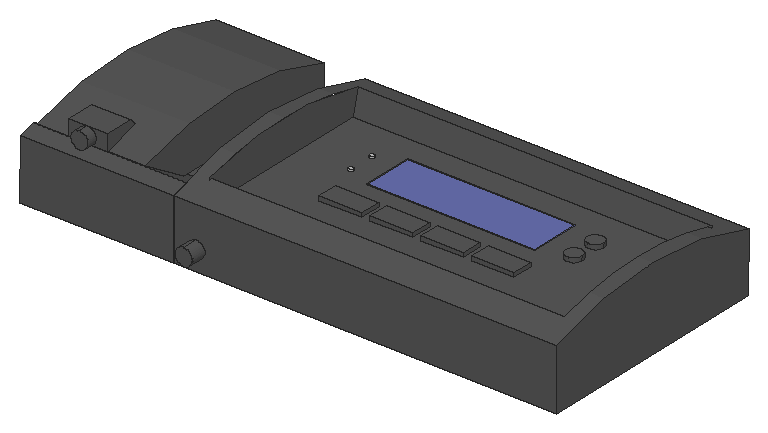
Revit family "Electronics_Wall-Stations_Biamp_Vocia_Wall-Paging-Station_WS-4_10___", category Communication Devices, host Face, Revit 2020 (continued)
Definition of nested family "Biamp_Vocia_Wall-Stations_Bracket"
  Automatic sketch dimensions
    curve 54 to curve 51 = 0' - 0.00373"
    curve 93 to plane 6 = 0' - 0.51"
    curve 91 to curve 93 = 0' - 1.8"
    curve 53 to curve 56 = 0' - 0.11373"
    curve 51 to curve 51 = 0' - 0.21254"
    curve 51 to curve 52 = 0' - 0.00373"
    curve 52 to curve 53 = 0' - 0.00373"
    curve 66 to plane 1 "Center (Front/Back)" = 0' - 0.18627"
    curve 66 to plane 5 = 0' - 1.69007"
    plane 1 "Center (Front/Back)" to curve 65 = 0' - 0.03"
    curve 66 to curve 65 = 0' - 0.09993"
    curve 63 to curve 63 = 0' - 0.09993"
    plane 1 "Center (Front/Back)" to curve 64 = 0' - 0.03373"
    curve 65 to curve 64 = 0' - 0.09993"
    plane 1 "Center (Front/Back)" to curve 70 = 0' - 0.02627"
    curve 65 to curve 70 = 0' - 0.3"
    plane 1 "Center (Front/Back)" to curve 69 = 0' - 0.03"
    curve 70 to curve 69 = 0' - 0.09993"
    curve 67 to curve 67 = 0' - 0.09993"
    plane 1 "Center (Front/Back)" to curve 68 = 0' - 0.03373"
    curve 59 to plane 5 = 0' - 0.63373"
    curve 97 to plane 5 = 0' - 0.63373"
    curve 59 to curve 60 = 0' - 0.00373"
    curve 97 to curve 100 = 0' - 0.00373"
    curve 60 to curve 57 = 0' - 0.00373"
    curve 100 to curve 99 = 0' - 0.00373"
    curve 59 to curve 61 = 0' - 0.11373"
    curve 100 to curve 95 = 0' - 0.11373"
    curve 99 to curve 99 = 0' - 0.21254"
    curve 57 to curve 57 = 0' - 0.21254"
    curve 99 to curve 98 = 0' - 0.00373"
    curve 57 to curve 58 = 0' - 0.00373"
    curve 58 to curve 59 = 0' - 0.00373"
    curve 98 to curve 97 = 0' - 0.00373"
    plane 7 to curve 4 = 0' - 0.1"
    plane 7 to curve 34 = 0' - 0.36"
    plane 7 to curve 43 = 0' - 0.51"
    plane 7 to curve 62 = 0' - 0.51"
    plane 7 to curve 49 = 0' - 0.51"
    curve 56 to curve 52 = 0' - 0.26"
    curve 33 to curve 103 = 0' - 0.3"
    curve 3 to curve 32 = 0' - 0.59"
    curve 61 to curve 59 = 0' - 0.26"
    curve 43 to curve 41 = 0' - 0.26"
    curve 49 to curve 47 = 0' - 0.26"
    curve 4 to curve 6 = 0' - 0.76"
    curve 53 to curve 54 = 0' - 0.09993"
    curve 59 to curve 60 = 0' - 0.09993"
    curve 47 to curve 48 = 0' - 0.09993"
    curve 40 to curve 40 = 0' - 0.09993"
    curve 5 to curve 107 = 0' - 0.76"
    curve 105 to curve 35 = 0' - 0.02"
    plane 1 "Center (Front/Back)" to curve 29 = 0' - 0.41"
    plane 1 "Center (Front/Back)" to curve 76 = 0' - 0.03373"
    curve 74 to plane 1 "Center (Front/Back)" = 0' - 0.18627"
    curve 21 to plane 1 "Center (Front/Back)" = 0' - 0.18627"
    curve 26 to plane 1 "Center (Front/Back)" = 0' - 0.18627"
    curve 70 to plane 1 "Center (Front/Back)" = 0' - 0.18627"
    curve 18 to curve 18 = 0' - 0.00373"
    curve 67 to curve 67 = 0' - 0.00373"
    curve 74 to curve 71 = 0' - 0.00373"
    curve 25 to curve 25 = 0' - 0.00373"
    curve 63 to curve 63 = 0' - 0.00373"
    curve 75 to curve 75 = 0' - 0.00373"
    curve 18 to curve 105 = 0' - 0.90627"
    curve 107 to curve 24 = 0' - 0.05"
    curve 17 to curve 16 = 0' - 0.28"
    curve 99 to plane 6 = 0' - 0.96986"
    curve 81 to plane 6 = 0' - 0.96986"
    curve 89 to plane 6 = 0' - 0.96986"
    curve 90 to curve 90 = 0' - 0.09993"
    curve 82 to curve 82 = 0' - 0.09993"
    curve 99 to curve 100 = 0' - 0.09993"
    curve 14 to curve 12 = 0' - 0.62"
    curve 100 to curve 95 = 0' - 0.26"
    curve 82 to curve 83 = 0' - 0.26"
    curve 90 to curve 86 = 0' - 0.26"
    curve 31 to curve 31 = 0' - 0.09"
    curve 30 to curve 29 = 0' - 0.09"
    curve 24 to curve 17 = 0' - 0.09"
    curve 23 to curve 22 = 0' - 0.09"
    curve 16 to curve 15 = 0' - 0.09"
    curve 34 to curve 33 = 0' - 0.08"
    curve 83 to curve 83 = 0' - 0.09"
    curve 44 to curve 43 = 0' - 0.09"
    curve 85 to curve 85 = 0' - 0.09"
    curve 91 to curve 91 = 0' - 0.09"
    curve 50 to curve 49 = 0' - 0.09"
    curve 55 to curve 55 = 0' - 0.09"
    curve 94 to curve 93 = 0' - 0.09"
    curve 95 to curve 95 = 0' - 0.09"
    curve 62 to curve 61 = 0' - 0.09"
    Extrusion 4 sketch curve to plane 4 = 0' - 0"
    Extrusion 4 sketch curve to plane 6 = 0' - 0.7"
    Extrusion 4 sketch curve to Extrusion 4 sketch curve = 0' - 2.28"  (x2)
    Extrusion 4 sketch curve to plane 6 = 0' - 0.08"
    Extrusion 4 sketch curve to Extrusion 4 sketch curve = 0' - 1"
    Extrusion 4 sketch curve to plane 6 = 0' - 0"
    Extrusion 4 sketch curve to plane 5 = 0' - 0"
    plane 7 to Extrusion 4 sketch curve = 0' - 0.86"
    Extrusion 4 sketch curve to Extrusion 4 sketch curve = 0' - 0.2"  (x3)
    plane 7 to Extrusion 4 sketch curve = 0' - 0.1"
    Extrusion 4 sketch curve to Extrusion 4 sketch curve = 0' - 0.64"
    Extrusion 4 sketch curve to plane 7 = 0' - 0"  (x2)
    Extrusion 4 sketch curve to Extrusion 4 sketch curve = 0' - 0.3"
    Extrusion 4 sketch curve to Extrusion 4 sketch curve = 0' - 0.59"
    Extrusion 4 sketch curve to Extrusion 4 sketch curve = 0' - 0.09"  (x13)
    plane 1 "Center (Front/Back)" to Extrusion 4 sketch curve = 0' - 0.41"
    plane 4 to Extrusion 4 sketch curve = 0' - 1.14"
    Extrusion 4 sketch curve to plane 1 "Center (Front/Back)" = 0' - 0.19373"
    plane 4 to Extrusion 4 sketch curve = 0' - 0.42007"
    plane 1 "Center (Front/Back)" to Extrusion 4 sketch curve = 0' - 0.03"  (x6)
    Extrusion 4 sketch curve to Extrusion 4 sketch curve = 0' - 0.09993"  (x24)
    plane 1 "Center (Front/Back)" to Extrusion 4 sketch curve = 0' - 0.03373"  (x6)
    Extrusion 4 sketch curve to plane 1 "Center (Front/Back)" = 0' - 0.18627"  (x6)
    Extrusion 4 sketch curve to Extrusion 4 sketch curve = 0' - 0.43007"
    Extrusion 4 sketch curve to Extrusion 4 sketch curve = 0' - 0.00373"  (x37)
    Extrusion 4 sketch curve to plane 1 "Center (Front/Back)" = 0' - 0.19"
    Extrusion 4 sketch curve to Extrusion 4 sketch curve = 0' - 0.52007"
    Extrusion 4 sketch curve to Extrusion 4 sketch curve = 0' - 0"  (x3)
    Extrusion 4 sketch curve to Extrusion 4 sketch curve = 0' - 0.96"
    Extrusion 4 sketch curve to Extrusion 4 sketch curve = 0' - 0.28"
    Extrusion 4 sketch curve to Extrusion 4 sketch curve = 0' - 0.38627"
    Extrusion 4 sketch curve to Extrusion 4 sketch curve = 0' - 0.21254"  (x7)
    Extrusion 4 sketch curve to plane 6 = 0' - 0.96986"  (x3)
    Extrusion 4 sketch curve to Extrusion 4 sketch curve = 0' - 0.11373"  (x4)
    Extrusion 4 sketch curve to Extrusion 4 sketch curve = 0' - 0.26"  (x9)
    Extrusion 4 sketch curve to plane 3 "Center (Left/Right)" = 0' - 0.28373"
    Extrusion 4 sketch curve to plane 3 "Center (Left/Right)" = 0' - 0.06373"  (x2)
    Extrusion 4 sketch curve to plane 3 "Center (Left/Right)" = 0' - 0.06"  (x2)
    Extrusion 4 sketch curve to plane 3 "Center (Left/Right)" = 0' - 0.05627"  (x2)
    Extrusion 4 sketch curve to plane 3 "Center (Left/Right)" = 0' - 0.17"  (x2)
    Extrusion 4 sketch curve to plane 6 = 0' - 0.77"  (x2)
    plane 3 "Center (Left/Right)" to Extrusion 4 sketch curve = 0' - 1.51627"
    Extrusion 4 sketch curve to Extrusion 4 sketch curve = 0' - 0.19986"  (x2)
    Extrusion 4 sketch curve to Extrusion 4 sketch curve = 0' - 1.57254"
    Extrusion 4 sketch curve to plane 5 = 0' - 0.63373"
    plane 1 "Center (Front/Back)" to Extrusion 4 sketch curve = 0' - 0.02627"
    Extrusion 4 sketch curve to plane 5 = 0' - 1.19021"
    Extrusion 4 sketch curve to Extrusion 4 sketch curve = 0' - 0.49986"  (x2)
    Extrusion 4 sketch curve to plane 3 "Center (Left/Right)" = 0' - 0.69021"
    Extrusion 4 sketch curve to Extrusion 4 sketch curve = 0' - 0.8"
    Extrusion 4 sketch curve to Extrusion 4 sketch curve = 0' - 1.18"
    plane 7 to Extrusion 4 sketch curve = 0' - 0.66"
    plane 1 "Center (Front/Back)" to Extrusion 4 sketch curve = 0' - 0.86"
    Extrusion 4 sketch curve to Extrusion 4 sketch curve = 0' - 0.76"
    Extrusion 4 sketch curve to Extrusion 4 sketch curve = 0' - 0.7"
    plane 7 to Extrusion 4 sketch curve = 0' - 0.36"
    Extrusion 4 sketch curve to Extrusion 4 sketch curve = 0' - 0.08"
    plane 7 to Extrusion 4 sketch curve = 0' - 0.51"  (x4)
    Extrusion 4 sketch curve to Extrusion 4 sketch curve = 0' - 0.02373"  (x4)
    plane 3 "Center (Left/Right)" to Extrusion 4 sketch curve = 0' - 1.63"
    Extrusion 4 sketch curve to Extrusion 4 sketch curve = 0' - 1.68627"
    Extrusion 4 sketch curve to plane 5 = 0' - 0.52"
    Extrusion 3 sketch curve to plane 5 = 0' - 0"
    Extrusion 3 sketch curve to plane 7 = 0' - 0"
    radius of Extrusion 4 sketch curve = 0' - 0.09"
Types (3): name | WS-4 | WS-10 | Product data url | Product Page URL | Product Documentation Link | Model | Description
  (no name) | yes | no | "https://www.bimobject.com/biamp/product/vocia-ws-4_wall-station" | "https://www.biamp.com/products/product-families/vocia/vocia-wall-stations#vocia-ws-4" | "https://downloads.biamp.com/assets/docs/default-source/data-sheets/biamp_data_sheet_vocia_ws-4_sep20.pdf" | "Vocia WS-4" | "Vocia® WS-4 Wall Paging Station"
  WS-4 | yes | no | "https://www.bimobject.com/biamp/product/vocia-ws-4_wall-station" | "https://www.biamp.com/products/product-families/vocia/vocia-wall-stations#vocia-ws-4" | "https://downloads.biamp.com/assets/docs/default-source/data-sheets/biamp_data_sheet_vocia_ws-4_sep20.pdf" | "Vocia WS-4" | "Vocia® WS-4 Wall Paging Station"
  WS-10 | no | yes | "https://www.bimobject.com/biamp/product/vocia-ws-10_wall-station" | "https://www.biamp.com/products/product-families/vocia/vocia-wall-stations#vocia-ws-10" | "https://downloads.biamp.com/assets/docs/default-source/data-sheets/biamp_data_sheet_vocia_ws-10_sep20.pdf" | "Vocia WS-10" | "Vocia® WS-10 Wall Paging Station"
